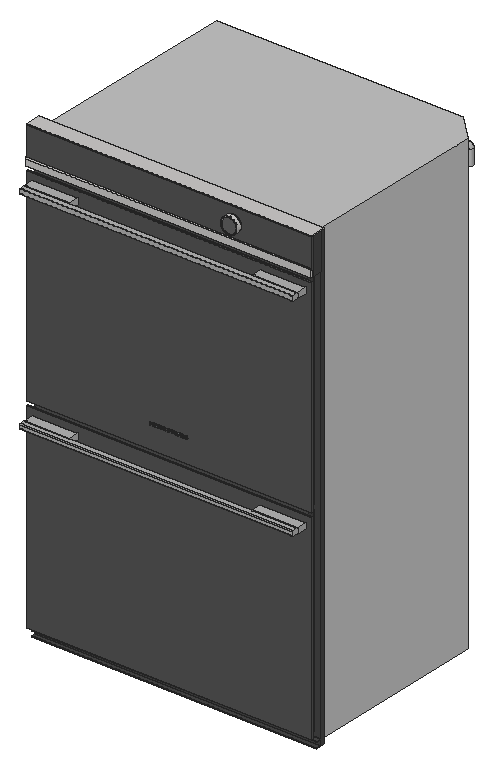
Revit family "FP-Revit18-OB76DDPTDX2-Oven-0-9000xxxxA", category Specialty Equipment, Revit 2018
Family settings
  Round Connector Dimension = Use Diameter
  Part Type = Normal
  OmniClass Number = 23.40.40.14.17.11
  OmniClass Title = Cookers, Ovens, Stoves
  Work Plane-Based = No
  Always vertical = Yes
  Cut with Voids When Loaded = Yes
  Shared = No
  Room Calculation Point = No
Parameters (values of type "OB76DDPTDX2")
  Visibility - Long Trim (Flush Installation) [instance] = no
  Visibility - Clearance Required = yes
  URL = "www.fisherpaykel.com"
  Product - Width = 760 mm  # constant formula
  Product - Height = 1232 mm  # constant formula
  Product - Depth = 609 mm  # constant formula
  Model = "OB76DDPTDX2"
  Material - Trim = Fisher & Paykel - Stainless Steel
  Material - Structure = Fisher & Paykel - Black
  Material - Logo = Fisher & Paykel - Graphics Grey
  Material - Handle = Fisher & Paykel - Aluminium
  Material - Glass = Fisher & Paykel - Glass, Black
  Material - Buttons and Dials = Fisher & Paykel - Stainless Steel
  Material - Body = Fisher & Paykel - Grey
  Manufacturer = "Fisher & Paykel Appliances"
  FFL Offset [instance] = 100 mm
  Description = "76cm Self Cleaning Double Oven"
  Connector Note - Electrical = "220-240 V, 50 Hz, 8.5 kW Max"
  Chassis - Width = 720 mm  # constant formula
  Chassis - Height = 1218 mm  # constant formula
  Chassis - Depth = 569 mm  # constant formula
  Cavity - Width = 724 mm  # constant formula
  Cavity - Height = 1224 mm  # constant formula
  Cavity - Depth = 575 mm  # constant formula
  Cabinet - Height = 1236 mm  # constant formula
Reference planes
  plane 1 "Center (Front/Back)": y = 0
  plane 2: z = 0
  plane 3 "Center (Left/Right)": x = 0
  plane 4 "Cabinet - Height": z = 1336
  plane 5 "Product - Height": z = 1332
  plane 6 "Product LHS": x = -380
  plane 7 "Product RHS": x = 380
  plane 8 "Product - Depth": y = 569
  plane 9 "Cavity LHS": x = -382
  plane 10 "Cavity RHS": x = 382
  plane 11 "Cavity - Depth": y = 575
  plane 12 "Front Face": y = -40
  plane 13 "FFL Offset": z = 100
  plane 14 "Cavity - Height": z = 1324
Forms (mm)
  Extrusion 1, solid, material "Fisher & Paykel - Grey" <- "Material - Body"
    sketch origin (0, 0, 0) x (1, 0, 0) y (0, 1, 0)
      loop
        line (-359.809, 0) -> (360.191, 0) -> (360.191, 503) -> (294.191, 569) -> (-359.809, 569) -> (-359.809, 0)
    from 100 to 1318
  Extrusion 2, solid, material "Fisher & Paykel - Clearance Required", visible <- "Visibility - Clearance Required", detail levels coarse
    sketch origin (0, 0, 0) x (1, 0, 0) y (0, 1, 0)
      loop
        line (-361.809, 0) -> (362.191, 0) -> (362.191, 575) -> (-361.809, 575) -> (-361.809, 0)
    from 100 to 1324
  Extrusion 3, solid, material "Fisher & Paykel - Black" <- "Material - Structure"
    sketch origin (0, 0, 0) x (0, 1, 0) y (0, 0, 1)
      loop
        line (-11, 1329.1) -> (-11, 117.834) -> (-21.5, 115.02) -> (-21.254, 114.102) -> (-11, 116.85) -> (-11, 101.95) -> (-22, 101.95) -> (-22, 100) -> (0, 100) -> (0, 1329.1) -> (-11, 1329.1)
    from -380 to 380
  Extrusion 4, solid, material "Fisher & Paykel - Black" <- "Material - Structure"
    sketch origin (0, 0, 0) x (0, 1, 0) y (0, 0, 1)
      loop
        line (-36, 1329.1) -> (-36, 1232.1) -> (-11, 1232.1) -> (-11, 1329.1) -> (-36, 1329.1)
    from -380 to 380
  Extrusion 5, solid, material "Fisher & Paykel - Black" <- "Material - Structure"
    sketch origin (0, 0, 0) x (0, 1, 0) y (0, 0, 1)
      loop
        line (-16.2, 658.03) -> (-36, 658.03) -> (-36, 129) -> (-16.2, 129) -> (-16.2, 658.03)
      loop
        line (-16.2, 669.765) -> (-16.2, 1219.8) -> (-36, 1219.8) -> (-36, 669.765) -> (-16.2, 669.765)
    from -365 to 363.494
  Extrusion 6, solid, material "Fisher & Paykel - Black" <- "Material - Structure"
    sketch origin (0, 0, 0) x (0, 1, 0) y (0, 0, 1)
      loop
        line (-16.2, 658.03) -> (-16.2, 129) -> (-11, 129) -> (-11, 658.03) -> (-16.2, 658.03)
      loop
        line (-16.2, 1219.8) -> (-16.2, 669.765) -> (-11, 669.765) -> (-11, 1219.8) -> (-16.2, 1219.8)
    from -361 to 361
  Extrusion 7, solid, material "Fisher & Paykel - Glass, Black" <- "Material - Glass"
    sketch origin (0, 0, 0) x (0, 1, 0) y (0, 0, 1)
      loop
        line (-40, 658.03) -> (-40, 129) -> (-36, 129) -> (-36, 658.03) -> (-40, 658.03)
      loop
        line (-40, 1219.8) -> (-40, 669.765) -> (-36, 669.765) -> (-36, 1219.8) -> (-40, 1219.8)
    from -380 to 380
  Extrusion 8, solid, material "Fisher & Paykel - Glass, Black" <- "Material - Glass"
    sketch origin (0, 0, 0) x (0, 1, 0) y (0, 0, 1)
      loop
        line (-40, 1328.774) -> (-40, 1232.1) -> (-36, 1232.1) -> (-36, 1328.774) -> (-40, 1328.774)
    from -380 to 380
  Extrusion 9, solid, material "Fisher & Paykel - Stainless Steel" <- "Material - Trim", detail levels fine
    sketch origin (0, 0, 0) x (0, 1, 0) y (0, 0, 1)
      loop
        line (-41.95, 1249.631) -> (-41.95, 1232.1) -> (-40, 1232.1) -> (-40, 1251.742) -> (-40.8, 1251.742) -> (-41.95, 1249.631)
    from -380 to 380
  Extrusion 10, solid, material "Fisher & Paykel - Clearance Required", visible <- "Visibility - Clearance Required", detail levels coarse
    sketch origin (0, -2000, 0) x (0, 1, 0) y (0, 0, 1)
      loop
        line (2000, 1336) -> (1959.829, 1336) -> (1959.829, 1219.286)
        arc (1959.829, 1219.286) -> (1571.259, 1058.335) -> (1410.308, 669.765) r 549.521
        line (1410.308, 669.765) -> (1960, 669.765) -> (1960, 658.343)
        arc (1960, 658.343) -> (1586.132, 503.065) -> (1431.328, 129) r 529.343
        line (1431.328, 129) -> (1960, 129) -> (1960, 100) -> (2000, 100) -> (2000, 1336)
    from -382 to 382
  Extrusion 11, solid, material "Fisher & Paykel - Stainless Steel" <- "Material - Trim"
    sketch origin (0, 0, 0) x (0, 1, 0) y (0, 0, 1)
      loop
        line (-40, 1329.1) -> (0, 1329.1) -> (0, 1332) -> (-40, 1332) -> (-40, 1329.1)
    from -380 to 380
  Extrusion 12, void
    sketch origin (0, 0, 0) x (1, 0, 0) y (0, 1, 0)
      loop
        line (-361.809, 575) -> (-361.809, 0) -> (362.191, 0) -> (362.191, 575) -> (-361.809, 575)
    from 100 to 1324
  Extrusion 13, void
    sketch origin (0, 0, 0) x (1, 0, 0) y (0, 1, 0)
      loop
        line (-382, 0) -> (-382, -40) -> (382, -40) -> (382, 0) -> (-382, 0)
    from 100 to 1336
  Extrusion 14, solid, material "Fisher & Paykel - Aluminium" <- "Material - Handle", detail levels fine
    sketch origin (8.022, -41, 1194.813) x (0, 1, 0) y (0, 0, 1)
      loop
        arc (-26.813, 6.16) -> (-27.196, 6.554) -> (-27.728, 6.686) r 1
        line (-27.728, 6.686) -> (-40.035, 6.256)
        arc (-40.035, 6.256) -> (-40.719, 5.951) -> (-41, 5.257) r 1
        line (-41, 5.257) -> (-41, -5.257)
        arc (-41, -5.257) -> (-40.719, -5.951) -> (-40.035, -6.256) r 1
        line (-40.035, -6.256) -> (-27.709, -6.686)
        arc (-27.709, -6.686) -> (-27.175, -6.554) -> (-26.792, -6.158) r 1
        arc (-26.792, -6.158) -> (-25.256, 0.004) -> (-26.813, 6.16) r 13.038
    from -371.522 to 355.478
  Extrusion 15, solid, material "Fisher & Paykel - Aluminium" <- "Material - Handle", detail levels fine
    sketch origin (8.022, -41, 1194.813) x (0, 1, 0) y (0, 0, 1)
      loop
        arc (-26.626, -6.008) -> (-26.614, -6.49) -> (-26.2, -6.737) r 0.5
        line (-26.2, -6.737) -> (1, -7.732) -> (1, 7.741) -> (-26.174, 6.747)
        arc (-26.174, 6.747) -> (-26.587, 6.5) -> (-26.6, 6.019) r 0.5
        arc (-26.6, 6.019) -> (-25.156, 0.002) -> (-26.626, -6.008) r 13.136
    from 235.478 to 355.478
  Extrusion 16, solid, material "Fisher & Paykel - Aluminium" <- "Material - Handle", detail levels coarse+medium
    sketch origin (8.022, -42, 1194.813) x (1, 0, 0) y (0, 1, 0)
      loop
        line (-371.522, -40) -> (355.478, -40) -> (355.478, 2) -> (235.478, 2) -> (235.478, -24.334) -> (-251.522, -24.334) -> (-251.522, 2) -> (-371.522, 2) -> (-371.522, -40)
    from -8.022 to 7.978
  Extrusion 17, solid, material "Fisher & Paykel - Aluminium" <- "Material - Handle", detail levels fine
    sketch origin (8.022, -41, 1194.813) x (0, 1, 0) y (0, 0, 1)
      loop
        arc (-26.626, -6.008) -> (-26.614, -6.49) -> (-26.2, -6.737) r 0.5
        line (-26.2, -6.737) -> (1, -7.732) -> (1, 7.741) -> (-26.174, 6.747)
        arc (-26.174, 6.747) -> (-26.587, 6.5) -> (-26.6, 6.019) r 0.5
        arc (-26.6, 6.019) -> (-25.156, 0.002) -> (-26.626, -6.008) r 13.136
    from -371.522 to -251.522
  Extrusion 18, solid, material "Fisher & Paykel - Aluminium" <- "Material - Handle", not visible, detail levels fine
    sketch origin (8.022, -2041, 719.648) x (0, 1, 0) y (0, 0, 1)
      loop
        arc (-26.813, 6.16) -> (-27.196, 6.554) -> (-27.728, 6.686) r 1
        line (-27.728, 6.686) -> (-40.035, 6.256)
        arc (-40.035, 6.256) -> (-40.719, 5.951) -> (-41, 5.257) r 1
        line (-41, 5.257) -> (-41, -5.257)
        arc (-41, -5.257) -> (-40.719, -5.951) -> (-40.035, -6.256) r 1
        line (-40.035, -6.256) -> (-27.709, -6.686)
        arc (-27.709, -6.686) -> (-27.175, -6.554) -> (-26.792, -6.158) r 1
        arc (-26.792, -6.158) -> (-25.256, 0.004) -> (-26.813, 6.16) r 13.038
    from -371.522 to 355.478
  Extrusion 19, solid, material "Fisher & Paykel - Aluminium" <- "Material - Handle", not visible, detail levels fine
    sketch origin (8.022, -2041, 719.648) x (0, 1, 0) y (0, 0, 1)
      loop
        arc (-26.626, -6.008) -> (-26.614, -6.49) -> (-26.2, -6.737) r 0.5
        line (-26.2, -6.737) -> (1, -7.732) -> (1, 7.741) -> (-26.174, 6.747)
        arc (-26.174, 6.747) -> (-26.587, 6.5) -> (-26.6, 6.019) r 0.5
        arc (-26.6, 6.019) -> (-25.156, 0.002) -> (-26.626, -6.008) r 13.136
    from 235.478 to 355.478
  Extrusion 20, solid, material "Fisher & Paykel - Aluminium" <- "Material - Handle", not visible, detail levels coarse+medium
    sketch origin (8.022, -2042, 719.648) x (1, 0, 0) y (0, 1, 0)
      loop
        line (-371.522, -40) -> (355.478, -40) -> (355.478, 2) -> (235.478, 2) -> (235.478, -24.334) -> (-251.522, -24.334) -> (-251.522, 2) -> (-371.522, 2) -> (-371.522, -40)
    from -8.022 to 7.978
  Extrusion 21, solid, material "Fisher & Paykel - Aluminium" <- "Material - Handle", not visible, detail levels fine
    sketch origin (8.022, -2041, 719.648) x (0, 1, 0) y (0, 0, 1)
      loop
        arc (-26.626, -6.008) -> (-26.614, -6.49) -> (-26.2, -6.737) r 0.5
        line (-26.2, -6.737) -> (1, -7.732) -> (1, 7.741) -> (-26.174, 6.747)
        arc (-26.174, 6.747) -> (-26.587, 6.5) -> (-26.6, 6.019) r 0.5
        arc (-26.6, 6.019) -> (-25.156, 0.002) -> (-26.626, -6.008) r 13.136
    from -371.522 to -251.522
  Revolve 22, solid, material "Fisher & Paykel - Stainless Steel" <- "Material - Buttons and Dials", detail levels fine
    sketch origin (170, -40, 1287.377) x (0, 1, 0) y (0, 0, 1)
      loop
        line (0, 22) -> (-0.843, 22) -> (-0.843, 16.038) -> (-2.39, 16.038) -> (-2.39, 22) -> (-13.7, 22) -> (-13.7, 21.2) -> (-13.191, 20) -> (-8.9, 20) -> (-8.9, 0) -> (0, 0) -> (0, 22)
      axis (0, 0) -> (-13.7, 0)
    angle from 0 to 360
  Extrusion 23, solid, material "Fisher & Paykel - Stainless Steel, Dark", detail levels fine
    sketch origin (170, -40, 1287.377) x (1, 0, 0) y (0, 0, 1)
      loop
        circle (0, 0) r 19.45
    from 8.9 to 13.191
  Extrusion 24, solid, material "Fisher & Paykel - Stainless Steel" <- "Material - Buttons and Dials", detail levels coarse+medium
    sketch origin (170, -40, 1287.377) x (1, 0, 0) y (0, 0, 1)
      loop
        circle (0, 0) r 22
    from 0 to 13.7
  Extrusion 25, solid, material "Fisher & Paykel - Bezel Red", detail levels fine
    sketch origin (170, -40, 1287.377) x (1, 0, 0) y (0, 0, 1)
      loop
        circle (0, 0) r 19.45
      loop
        circle (0, 0) r 20
    from 2.39 to 13.191
  Extrusion 26, solid, material "Fisher & Paykel - Graphics Grey" <- "Material - Logo", detail levels fine
    sketch origin (0, -40, -269.8) x (1, 0, 0) y (0, 0, 1)
      loop
        line (-50.044, 1000) -> (-48.47, 1000) -> (-48.47, 1002.138) -> (-46.011, 1002.138) -> (-46.011, 1003.472) -> (-48.47, 1003.472) -> (-48.47, 1004.712) -> (-45.795, 1004.712) -> (-45.795, 1006.04) -> (-50.044, 1006.04) -> (-50.044, 1000)
      loop
        line (-42.804, 1006.04) -> (-42.804, 1000) -> (-41.23, 1000) -> (-41.23, 1006.04) -> (-42.804, 1006.04)
      loop
        line (-30.724, 1006.04) -> (-30.724, 1000) -> (-29.151, 1000) -> (-29.151, 1002.42) -> (-26.839, 1002.42) -> (-26.839, 1000) -> (-25.265, 1000) -> (-25.265, 1006.04) -> (-26.839, 1006.04) -> (-26.839, 1003.748) -> (-29.151, 1003.748) -> (-29.151, 1006.04) -> (-30.724, 1006.04)
      loop
        line (-21.906, 1006.04) -> (-21.906, 1000) -> (-17.602, 1000) -> (-17.602, 1001.328) -> (-20.347, 1001.328) -> (-20.347, 1002.42) -> (-17.838, 1002.42) -> (-17.838, 1003.748) -> (-20.347, 1003.748) -> (-20.347, 1004.712) -> (-17.602, 1004.712) -> (-17.602, 1006.04) -> (-21.906, 1006.04)
      loop
        line (45.667, 1006.04) -> (45.667, 1000) -> (49.956, 1000) -> (49.956, 1001.328) -> (47.241, 1001.328) -> (47.241, 1006.04) -> (45.667, 1006.04)
      loop
        line (42.431, 1006.04) -> (38.112, 1006.04) -> (38.112, 1000) -> (42.431, 1000) -> (42.431, 1001.328) -> (39.687, 1001.328) -> (39.687, 1002.42) -> (42.195, 1002.42) -> (42.195, 1003.748) -> (39.687, 1003.748) -> (39.687, 1004.712) -> (42.431, 1004.712) -> (42.431, 1006.04)
      loop
        line (33.451, 1003.148) -> (35.683, 1006.04) -> (33.844, 1006.04) -> (31.915, 1003.542) -> (31.915, 1006.04) -> (30.342, 1006.04) -> (30.342, 1000) -> (31.915, 1000) -> (31.915, 1002.705) -> (33.903, 1000) -> (35.763, 1000) -> (33.451, 1003.148)
      loop
        line (21.98, 1006.04) -> (24.262, 1002.42) -> (24.262, 1000) -> (25.837, 1000) -> (25.837, 1002.341) -> (28.119, 1006.04) -> (26.446, 1006.04) -> (25.099, 1003.707) -> (23.753, 1006.04) -> (21.98, 1006.04)
      loop
        line (18.479, 1006.04) -> (16.983, 1006.04) -> (14.524, 1000) -> (16.069, 1000) -> (16.501, 1001.112) -> (18.921, 1001.112) -> (19.354, 1000) -> (20.938, 1000) -> (18.479, 1006.04)
      loop
        line (18.4, 1002.439) -> (17.693, 1004.174) -> (17.018, 1002.439) -> (18.4, 1002.439)
      loop
        line (8.031, 1006.04) -> (8.031, 1000) -> (9.605, 1000) -> (9.605, 1001.938) -> (10.599, 1001.938)
        arc (10.599, 1001.938) -> (12.65, 1003.989) -> (10.599, 1006.04) r 2.051
        line (10.599, 1006.04) -> (8.031, 1006.04)
      loop
        line (9.605, 1004.712) -> (9.605, 1003.197) -> (10.501, 1003.197)
        arc (10.501, 1003.197) -> (11.259, 1003.954) -> (10.501, 1004.712) r 0.757
        line (10.501, 1004.712) -> (9.605, 1004.712)
      loop
        line (-11.783, 1006.04) -> (-14.366, 1006.04) -> (-14.366, 1000) -> (-12.792, 1000) -> (-12.792, 1001.336) -> (-11.992, 1001.336) -> (-10.972, 1000) -> (-9.153, 1000) -> (-10.694, 1001.973)
        arc (-10.694, 1001.973) -> (-9.678, 1004.424) -> (-11.783, 1006.04) r 2.179
      loop
        line (-11.897, 1004.712) -> (-12.792, 1004.712) -> (-12.792, 1003.053) -> (-11.897, 1003.053)
        arc (-11.897, 1003.053) -> (-11.068, 1003.882) -> (-11.897, 1004.712) r 0.83
      loop
        line (0.477, 1004.712) -> (0.477, 1006.153) -> (-3.575, 1006.153) -> (-3.575, 1004.851) -> (-2.974, 1004.112)
        arc (-2.974, 1004.112) -> (-3.51, 1000.684) -> (-0.045, 1000.512) r 2.334
        line (-0.045, 1000.512) -> (0.46, 999.891) -> (2.246, 999.891) -> (0.86, 1001.594) -> (2.061, 1003.324) -> (0.443, 1003.324) -> (-0.013, 1002.667) -> (-1.677, 1004.712) -> (0.477, 1004.712)
      loop
        arc (-2.125, 1003.068) -> (-2.269, 1001.668) -> (-0.868, 1001.524) r 0.996
        line (-0.868, 1001.524) -> (-2.125, 1003.068)
      loop
        line (-35.18, 1003.634) -> (-36.516, 1003.91)
        arc (-36.516, 1003.91) -> (-37.049, 1004.443) -> (-36.516, 1004.976) r 0.533
        arc (-36.516, 1004.976) -> (-35.235, 1004.79) -> (-34.059, 1004.248) r 4.505
        line (-34.059, 1004.248) -> (-34.059, 1005.743)
        arc (-34.059, 1005.743) -> (-35.549, 1006.179) -> (-37.1, 1006.109) r 4.726
        arc (-37.1, 1006.109) -> (-38.536, 1004.335) -> (-37.1, 1002.561) r 1.814
        line (-37.1, 1002.561) -> (-35.754, 1002.282)
        arc (-35.754, 1002.282) -> (-35.221, 1001.749) -> (-35.754, 1001.216) r 0.533
        arc (-35.754, 1001.216) -> (-37.035, 1001.402) -> (-38.211, 1001.945) r 4.505
        line (-38.211, 1001.945) -> (-38.211, 1000.449)
        arc (-38.211, 1000.449) -> (-36.72, 1000.013) -> (-35.169, 1000.083) r 4.726
        arc (-35.169, 1000.083) -> (-33.734, 1001.863) -> (-35.18, 1003.634) r 1.814
    from 0 to 0.8
  Extrusion 27, solid, material "Fisher & Paykel - Grey" <- "Material - Body"
    sketch origin (327.191, 536, 1279) x (0.707107, -0.707107, 0) y (0, 0, 1)
      loop
        circle (0, 0) r 14.523
      loop
        circle (0, 0) r 7.273
    from -3.02 to 0
  Sweep 28, solid, material "Fisher & Paykel - Grey" <- "Material - Body"
    path origin (327.191, 536, 1279) x (0.707107, 0.707107, 0) y (0, 0, 1)
      loop
        line (0, 0) -> (2.546, 0)
        arc (2.546, 0) -> (8.203, -2.343) -> (10.546, -8) r 8
        line (10.546, -8) -> (10.546, -49.977)
    profile origin (328.091, 536.9, 1279) x (0, 0, 1) y (0.707107, -0.707107, 0)
      loop
        circle (0, 0) r 7.273
  Extrusion 29, solid, material "Fisher & Paykel - Grey" <- "Material - Body", not visible
    sketch origin (327.191, 536, 797.625) x (0.707107, -0.707107, 0) y (0, 0, 1)
      loop
        circle (0, 0) r 14.523
      loop
        circle (0, 0) r 7.273
    from -3.02 to 0
  Sweep 30, solid, material "Fisher & Paykel - Grey" <- "Material - Body", not visible
    path origin (327.191, 536, 797.625) x (0.707107, 0.707107, 0) y (0, 0, 1)
      loop
        line (0, 0) -> (2.546, 0)
        arc (2.546, 0) -> (8.203, -2.343) -> (10.546, -8) r 8
        line (10.546, -8) -> (10.546, -49.977)
    profile origin (328.091, 536.9, 797.625) x (0, 0, 1) y (0.707107, -0.707107, 0)
      loop
        circle (0, 0) r 7.273
  Extrusion 31, solid, material "Fisher & Paykel - Aluminium" <- "Material - Handle", detail levels fine
    sketch origin (8.022, -41, 633.113) x (0, 1, 0) y (0, 0, 1)
      loop
        arc (-26.813, 6.16) -> (-27.196, 6.554) -> (-27.728, 6.686) r 1
        line (-27.728, 6.686) -> (-40.035, 6.256)
        arc (-40.035, 6.256) -> (-40.719, 5.951) -> (-41, 5.257) r 1
        line (-41, 5.257) -> (-41, -5.257)
        arc (-41, -5.257) -> (-40.719, -5.951) -> (-40.035, -6.256) r 1
        line (-40.035, -6.256) -> (-27.709, -6.686)
        arc (-27.709, -6.686) -> (-27.175, -6.554) -> (-26.792, -6.158) r 1
        arc (-26.792, -6.158) -> (-25.256, 0.004) -> (-26.813, 6.16) r 13.038
    from -371.522 to 355.478
  Extrusion 32, solid, material "Fisher & Paykel - Aluminium" <- "Material - Handle", detail levels fine
    sketch origin (8.022, -41, 633.113) x (0, 1, 0) y (0, 0, 1)
      loop
        arc (-26.626, -6.008) -> (-26.614, -6.49) -> (-26.2, -6.737) r 0.5
        line (-26.2, -6.737) -> (1, -7.732) -> (1, 7.741) -> (-26.174, 6.747)
        arc (-26.174, 6.747) -> (-26.587, 6.5) -> (-26.6, 6.019) r 0.5
        arc (-26.6, 6.019) -> (-25.156, 0.002) -> (-26.626, -6.008) r 13.136
    from 235.478 to 355.478
  Extrusion 33, solid, material "Fisher & Paykel - Aluminium" <- "Material - Handle", detail levels coarse+medium
    sketch origin (8.022, -42, 633.113) x (1, 0, 0) y (0, 1, 0)
      loop
        line (-371.522, -40) -> (355.478, -40) -> (355.478, 2) -> (235.478, 2) -> (235.478, -24.334) -> (-251.522, -24.334) -> (-251.522, 2) -> (-371.522, 2) -> (-371.522, -40)
    from -8.022 to 7.978
  Extrusion 34, solid, material "Fisher & Paykel - Aluminium" <- "Material - Handle", detail levels fine
    sketch origin (8.022, -41, 633.113) x (0, 1, 0) y (0, 0, 1)
      loop
        arc (-26.626, -6.008) -> (-26.614, -6.49) -> (-26.2, -6.737) r 0.5
        line (-26.2, -6.737) -> (1, -7.732) -> (1, 7.741) -> (-26.174, 6.747)
        arc (-26.174, 6.747) -> (-26.587, 6.5) -> (-26.6, 6.019) r 0.5
        arc (-26.6, 6.019) -> (-25.156, 0.002) -> (-26.626, -6.008) r 13.136
    from -371.522 to -251.522
  Revolve 35, solid, material "Fisher & Paykel - Stainless Steel" <- "Material - Buttons and Dials", not visible, detail levels fine
    sketch origin (170, -40, 1287.377) x (0, 1, 0) y (0, 0, 1)
      loop
        line (0, 22) -> (-0.843, 22) -> (-0.843, 16.038) -> (-2.39, 16.038) -> (-2.39, 22) -> (-13.7, 22) -> (-13.7, 21.2) -> (-13.191, 20) -> (-8.9, 20) -> (-8.9, 0) -> (0, 0) -> (0, 22)
      axis (0, 0) -> (-13.7, 0)
    angle from 0 to 360
  Extrusion 36, solid, material "Fisher & Paykel - Stainless Steel, Dark", not visible, detail levels fine
    sketch origin (170, -40, 1287.377) x (1, 0, 0) y (0, 0, 1)
      loop
        circle (0, 0) r 19.45
    from 8.9 to 13.191
  Extrusion 37, solid, material "Fisher & Paykel - Stainless Steel" <- "Material - Buttons and Dials", not visible, detail levels coarse+medium
    sketch origin (170, -40, 1287.377) x (1, 0, 0) y (0, 0, 1)
      loop
        circle (0, 0) r 22
    from 0 to 13.7
  Extrusion 38, solid, material "Fisher & Paykel - Bezel Red", not visible, detail levels fine
    sketch origin (170, -40, 1287.377) x (1, 0, 0) y (0, 0, 1)
      loop
        circle (0, 0) r 19.45
      loop
        circle (0, 0) r 20
    from 2.39 to 13.191
  Extrusion 39, solid, material "Fisher & Paykel - Black" <- "Material - Structure", visible <- "Visibility - Long Trim (Flush Installation)"
    sketch origin (0, 0, 0) x (0, 1, 0) y (0, 0, 1)
      loop
        line (0, 100) -> (0, 101.95) -> (-39, 101.95) -> (-39, 100) -> (0, 100)
    from -380 to 380
Lines and regions (mm)
  model lines, style "Fisher & Paykel"
    curve 1: line (-53.809, -40, 1322.5) -> (54.191, -40, 1322.5)
    curve 2: line (-53.809, -40, 1257.7) -> (-53.809, -40, 1322.5)
    curve 3: line (54.191, -40, 1257.7) -> (-53.809, -40, 1257.7)
    curve 4: line (54.191, -40, 1322.5) -> (54.191, -40, 1257.7)
Text (mm)
  text "Due to ongoing product development, product details are subject to change without notice. \nPlease always refer to www.fisherpaykel.com for the most current product information. \n© Fisher & Paykel 2020" at (41.04, -678.295, 0), in view "Ref. Level (Plan)"
Dimensions and locks
  equal spacing: plane 6 "Product LHS", plane 3 "Center (Left/Right)", plane 7 "Product RHS"
  "Product - Width": plane 6 "Product LHS" to plane 7 "Product RHS"
  "Chassis - Depth": plane 1 "Center (Front/Back)" to plane 8 "Product - Depth"
  equal spacing: plane 9 "Cavity LHS", plane 3 "Center (Left/Right)", plane 10 "Cavity RHS"
  "Cavity - Depth": plane 11 "Cavity - Depth" to plane 1 "Center (Front/Back)"
  "Cavity - Width": Extrusion 2 to Extrusion 2
  "Chassis - Width": Extrusion 1 to Extrusion 1
  plane 12 "Front Face" to plane 1 "Center (Front/Back)" = 40 mm
  "FFL Offset": plane 13 "FFL Offset" to level
  "Chassis - Height": Extrusion 1 to plane 13 "FFL Offset"
  "Product - Height": plane 5 "Product - Height" to plane 13 "FFL Offset"
  "Cabinet - Height": plane 4 "Cabinet - Height" to plane 13 "FFL Offset"
  "Cavity - Height": plane 14 "Cavity - Height" to plane 13 "FFL Offset"
  locked: Extrusion 3 sketch curve to plane 13 "FFL Offset" at 1.95
  locked: Extrusion 3 sketch curve to plane 13 "FFL Offset" at 15.02
  locked: Extrusion 3 sketch curve to plane 13 "FFL Offset" at 17.834
  locked: Extrusion 5 to plane 13 "FFL Offset" at 569.765
  locked: plane 5 "Product - Height" to Extrusion 16 at 129.209
  locked: plane 5 "Product - Height" to Extrusion 25 at 44.623
  locked: plane 5 "Product - Height" to Extrusion 33 at 690.909
  locked: Extrusion 26 to plane 5 "Product - Height" at 601.909
  locked: plane 5 "Product - Height" to Sweep 28 at 102.977
  locked: Extrusion 26 to plane 13 "FFL Offset" at 630.2
  locked: plane 9 "Cavity LHS" to plane 10 "Cavity RHS" at 764
  aligned and locked: level to plane 2
  aligned and locked: plane 6 "Product LHS" to Extrusion 3
  aligned and locked: Extrusion 3 to plane 7 "Product RHS"
  aligned and locked: plane 9 "Cavity LHS" to Extrusion 10
  aligned and locked: Extrusion 10 to plane 10 "Cavity RHS"
  aligned and locked: plane 5 "Product - Height" to Extrusion 11 sketch curve
  aligned and locked: Extrusion 1 to plane 13 "FFL Offset"
  aligned and locked: Extrusion 2 to Extrusion 1
  aligned and locked: plane 14 "Cavity - Height" to Extrusion 2
  aligned and locked: plane 13 "FFL Offset" to Extrusion 3 sketch curve
  aligned and locked: Extrusion 5 to Extrusion 6
  aligned and locked: Extrusion 7 to Extrusion 5  (x2)
  aligned and locked: Extrusion 10 sketch curve to plane 13 "FFL Offset"
  aligned and locked: Extrusion 10 to Extrusion 5
  aligned and locked: Extrusion 13 to Extrusion 1
  aligned and locked: plane 4 "Cabinet - Height" to Extrusion 13
  aligned and locked: Extrusion 12 to Extrusion 1
  aligned and locked: Extrusion 12 to Extrusion 2
  aligned and locked: Extrusion 10 sketch curve to Extrusion 7
  aligned and locked: Extrusion 7 to Extrusion 6
Automatic sketch dimensions
  Extrusion 14 sketch curve to Extrusion 14 sketch curve = 0.965 mm  (x2)
  Extrusion 14 sketch curve to Extrusion 14 sketch curve = 0.035 mm  (x4)
  Extrusion 14 sketch curve to Extrusion 14 sketch curve = 1.706 mm
  Extrusion 14 sketch curve to Extrusion 14 sketch curve = 12.307 mm
  Extrusion 14 sketch curve to Extrusion 14 sketch curve = 12.326 mm
  Extrusion 14 sketch curve to Extrusion 14 sketch curve = 0.999 mm  (x2)
  Extrusion 14 sketch curve to Extrusion 14 sketch curve = 5.238 mm
  Extrusion 14 sketch curve to Extrusion 14 sketch curve = 0 mm
  Extrusion 15 sketch curve to Extrusion 15 sketch curve = 12.091 mm
  Extrusion 15 sketch curve to Extrusion 15 sketch curve = 0.018 mm  (x2)
  Extrusion 15 sketch curve to Extrusion 15 sketch curve = 0.008 mm
  Extrusion 15 sketch curve to Extrusion 15 sketch curve = 27.174 mm
  Extrusion 15 sketch curve to Extrusion 15 sketch curve = 15.473 mm
  Extrusion 15 sketch curve to Extrusion 15 sketch curve = 0.5 mm  (x2)
  Extrusion 15 sketch curve to Extrusion 15 sketch curve = 0 mm
  Extrusion 17 sketch curve to Extrusion 17 sketch curve = 12.091 mm
  Extrusion 17 sketch curve to Extrusion 17 sketch curve = 0.018 mm  (x2)
  Extrusion 17 sketch curve to Extrusion 17 sketch curve = 0.008 mm
  Extrusion 17 sketch curve to Extrusion 17 sketch curve = 27.174 mm
  Extrusion 17 sketch curve to Extrusion 17 sketch curve = 15.473 mm
  Extrusion 17 sketch curve to Extrusion 17 sketch curve = 0.5 mm  (x2)
  Extrusion 17 sketch curve to Extrusion 17 sketch curve = 0 mm
  Extrusion 14 sketch curve to Extrusion 14 sketch curve = 0.43 mm
  Extrusion 14 sketch curve to Extrusion 14 sketch curve = 5.275 mm
  Extrusion 14 sketch curve to Extrusion 14 sketch curve = 11.374 mm
  Extrusion 15 sketch curve to Extrusion 15 sketch curve = 0.995 mm
  Extrusion 15 sketch curve to Extrusion 15 sketch curve = 6.268 mm
  Extrusion 15 sketch curve to Extrusion 15 sketch curve = 12.255 mm
  Extrusion 17 sketch curve to Extrusion 17 sketch curve = 0.995 mm
  Extrusion 17 sketch curve to Extrusion 17 sketch curve = 6.268 mm
  Extrusion 17 sketch curve to Extrusion 17 sketch curve = 12.255 mm
  Extrusion 16 sketch curve to Extrusion 16 sketch curve = 120 mm  (x2)
  Extrusion 16 sketch curve to Extrusion 16 sketch curve = 15.666 mm
  Extrusion 16 sketch curve to Extrusion 16 sketch curve = 26.334 mm  (x2)
  Extrusion 16 sketch curve to Extrusion 16 sketch curve = 487 mm
  Extrusion 18 sketch curve to Extrusion 18 sketch curve = 0.965 mm  (x2)
  Extrusion 18 sketch curve to Extrusion 18 sketch curve = 0.035 mm  (x4)
  Extrusion 18 sketch curve to Extrusion 18 sketch curve = 1.706 mm
  Extrusion 18 sketch curve to Extrusion 18 sketch curve = 12.307 mm
  Extrusion 18 sketch curve to Extrusion 18 sketch curve = 12.326 mm
  Extrusion 18 sketch curve to Extrusion 18 sketch curve = 0.999 mm  (x2)
  Extrusion 18 sketch curve to Extrusion 18 sketch curve = 5.238 mm
  Extrusion 18 sketch curve to Extrusion 18 sketch curve = 0 mm
  Extrusion 19 sketch curve to Extrusion 19 sketch curve = 12.091 mm
  Extrusion 19 sketch curve to Extrusion 19 sketch curve = 0.018 mm  (x2)
  Extrusion 19 sketch curve to Extrusion 19 sketch curve = 0.008 mm
  Extrusion 19 sketch curve to Extrusion 19 sketch curve = 27.174 mm
  Extrusion 19 sketch curve to Extrusion 19 sketch curve = 15.473 mm
  Extrusion 19 sketch curve to Extrusion 19 sketch curve = 0.5 mm  (x2)
  Extrusion 19 sketch curve to Extrusion 19 sketch curve = 0 mm
  Extrusion 21 sketch curve to Extrusion 21 sketch curve = 12.091 mm
  Extrusion 21 sketch curve to Extrusion 21 sketch curve = 0.018 mm  (x2)
  Extrusion 21 sketch curve to Extrusion 21 sketch curve = 0.008 mm
  Extrusion 21 sketch curve to Extrusion 21 sketch curve = 27.174 mm
  Extrusion 21 sketch curve to Extrusion 21 sketch curve = 15.473 mm
  Extrusion 21 sketch curve to Extrusion 21 sketch curve = 0.5 mm  (x2)
  Extrusion 21 sketch curve to Extrusion 21 sketch curve = 0 mm
  Extrusion 18 sketch curve to Extrusion 18 sketch curve = 0.43 mm
  Extrusion 18 sketch curve to Extrusion 18 sketch curve = 5.275 mm
  Extrusion 18 sketch curve to Extrusion 18 sketch curve = 11.374 mm
  Extrusion 19 sketch curve to Extrusion 19 sketch curve = 0.995 mm
  Extrusion 19 sketch curve to Extrusion 19 sketch curve = 6.268 mm
  Extrusion 19 sketch curve to Extrusion 19 sketch curve = 12.255 mm
  Extrusion 21 sketch curve to Extrusion 21 sketch curve = 0.995 mm
  Extrusion 21 sketch curve to Extrusion 21 sketch curve = 6.268 mm
  Extrusion 21 sketch curve to Extrusion 21 sketch curve = 12.255 mm
  Extrusion 20 sketch curve to Extrusion 20 sketch curve = 120 mm  (x2)
  Extrusion 20 sketch curve to Extrusion 20 sketch curve = 15.666 mm
  Extrusion 20 sketch curve to Extrusion 20 sketch curve = 26.334 mm  (x2)
  Extrusion 20 sketch curve to Extrusion 20 sketch curve = 487 mm
  Revolve 22 sketch curve to Revolve 22 sketch curve = 1.547 mm
  Revolve 22 sketch curve to Revolve 22 sketch curve = 6.51 mm
  Revolve 22 sketch curve to Revolve 22 sketch curve = 4.291 mm
  Revolve 22 sketch curve to Revolve 22 sketch curve = 0.509 mm
  Revolve 22 sketch curve to Revolve 22 sketch curve = 16.038 mm
  Revolve 22 sketch curve to Revolve 22 sketch curve = 3.962 mm
  Revolve 22 sketch curve to Revolve 22 sketch curve = 1.2 mm
  Revolve 22 sketch curve to Revolve 22 sketch curve = 0.8 mm
  Revolve 22 sketch curve to Revolve 22 sketch curve = 0 mm  (x3)
  Revolve 22 sketch curve to Revolve 22 sketch curve = 9.733 mm
  Revolve 22 sketch curve to Revolve 22 sketch curve = 8.9 mm
  Extrusion 27 sketch curve to Extrusion 27 sketch curve = 0 mm  (x4)
  Sweep 28 sketch curve to Sweep 28 sketch curve = 8 mm
  Sweep 28 sketch curve to Sweep 28 sketch curve = 2.546 mm
  Sweep 28 sketch curve to Sweep 28 sketch curve = 41.977 mm
  Sweep 28 sketch curve to profile plane = 0 mm  (x2)
  Extrusion 29 sketch curve to Extrusion 29 sketch curve = 0 mm  (x4)
  Sweep 30 sketch curve to Sweep 30 sketch curve = 8 mm
  Sweep 30 sketch curve to Sweep 30 sketch curve = 2.546 mm
  Sweep 30 sketch curve to Sweep 30 sketch curve = 41.977 mm
  Sweep 30 sketch curve to profile plane = 0 mm  (x2)
  Extrusion 31 sketch curve to Extrusion 31 sketch curve = 0.965 mm  (x2)
  Extrusion 31 sketch curve to Extrusion 31 sketch curve = 0.035 mm  (x4)
  Extrusion 31 sketch curve to Extrusion 31 sketch curve = 1.706 mm
  Extrusion 31 sketch curve to Extrusion 31 sketch curve = 12.307 mm
  Extrusion 31 sketch curve to Extrusion 31 sketch curve = 12.326 mm
  Extrusion 31 sketch curve to Extrusion 31 sketch curve = 0.999 mm  (x2)
  Extrusion 31 sketch curve to Extrusion 31 sketch curve = 5.238 mm
  Extrusion 31 sketch curve to Extrusion 31 sketch curve = 0 mm
  Extrusion 32 sketch curve to Extrusion 32 sketch curve = 12.091 mm
  Extrusion 32 sketch curve to Extrusion 32 sketch curve = 0.018 mm  (x2)
  Extrusion 32 sketch curve to Extrusion 32 sketch curve = 0.008 mm
  Extrusion 32 sketch curve to Extrusion 32 sketch curve = 27.174 mm
  Extrusion 32 sketch curve to Extrusion 32 sketch curve = 15.473 mm
  Extrusion 32 sketch curve to Extrusion 32 sketch curve = 0.5 mm  (x2)
  Extrusion 32 sketch curve to Extrusion 32 sketch curve = 0 mm
  Extrusion 34 sketch curve to Extrusion 34 sketch curve = 12.091 mm
  Extrusion 34 sketch curve to Extrusion 34 sketch curve = 0.018 mm  (x2)
  Extrusion 34 sketch curve to Extrusion 34 sketch curve = 0.008 mm
  Extrusion 34 sketch curve to Extrusion 34 sketch curve = 27.174 mm
  Extrusion 34 sketch curve to Extrusion 34 sketch curve = 15.473 mm
  Extrusion 34 sketch curve to Extrusion 34 sketch curve = 0.5 mm  (x2)
  Extrusion 34 sketch curve to Extrusion 34 sketch curve = 0 mm
  Extrusion 31 sketch curve to Extrusion 31 sketch curve = 0.43 mm
  Extrusion 31 sketch curve to Extrusion 31 sketch curve = 5.275 mm
  Extrusion 31 sketch curve to Extrusion 31 sketch curve = 11.374 mm
  Extrusion 32 sketch curve to Extrusion 32 sketch curve = 0.995 mm
  Extrusion 32 sketch curve to Extrusion 32 sketch curve = 6.268 mm
  Extrusion 32 sketch curve to Extrusion 32 sketch curve = 12.255 mm
  Extrusion 34 sketch curve to Extrusion 34 sketch curve = 0.995 mm
  Extrusion 34 sketch curve to Extrusion 34 sketch curve = 6.268 mm
  Extrusion 34 sketch curve to Extrusion 34 sketch curve = 12.255 mm
  Extrusion 33 sketch curve to Extrusion 33 sketch curve = 120 mm  (x2)
  Extrusion 33 sketch curve to Extrusion 33 sketch curve = 15.666 mm
  Extrusion 33 sketch curve to Extrusion 33 sketch curve = 26.334 mm  (x2)
  Extrusion 33 sketch curve to Extrusion 33 sketch curve = 487 mm
  plane 1 "Center (Front/Back)" to Extrusion 1 sketch curve = 0 mm
  Extrusion 1 sketch curve to plane 8 "Product - Depth" = 0 mm
  Extrusion 1 sketch curve to plane 6 "Product LHS" = 20.191 mm
  plane 7 "Product RHS" to Extrusion 1 sketch curve = 85.809 mm
  plane 7 "Product RHS" to Extrusion 1 sketch curve = 19.809 mm
  Extrusion 1 sketch curve to plane 8 "Product - Depth" = 66 mm
  plane 1 "Center (Front/Back)" to Extrusion 2 sketch curve = 0 mm
  plane 11 "Cavity - Depth" to Extrusion 2 sketch curve = 0 mm
  Extrusion 2 sketch curve to plane 6 "Product LHS" = 18.191 mm
  plane 7 "Product RHS" to Extrusion 2 sketch curve = 17.809 mm
  Extrusion 3 sketch curve to plane 1 "Center (Front/Back)" = 0 mm
  plane 1 "Center (Front/Back)" to Extrusion 3 sketch curve = 11 mm
  Extrusion 3 sketch curve to Extrusion 3 sketch curve = 0 mm
  Extrusion 3 sketch curve to Extrusion 3 sketch curve = 10.254 mm
  Extrusion 3 sketch curve to Extrusion 3 sketch curve = 0.246 mm
  Extrusion 3 sketch curve to Extrusion 3 sketch curve = 11 mm
  Extrusion 3 sketch curve to plane 5 "Product - Height" = 2.9 mm
  plane 12 "Front Face" to Extrusion 4 sketch curve = 4 mm
  plane 1 "Center (Front/Back)" to Extrusion 4 sketch curve = 11 mm
  Extrusion 4 sketch curve to plane 14 "Cavity - Height" = 91.9 mm
  Extrusion 4 sketch curve to plane 5 "Product - Height" = 2.9 mm
  Extrusion 8 sketch curve to plane 12 "Front Face" = 0 mm
  Extrusion 8 sketch curve to Extrusion 8 sketch curve = 4 mm
  Extrusion 8 sketch curve to plane 14 "Cavity - Height" = 91.9 mm
  Extrusion 8 sketch curve to plane 5 "Product - Height" = 3.226 mm
  Extrusion 9 sketch curve to plane 12 "Front Face" = 0 mm
  Extrusion 9 sketch curve to plane 12 "Front Face" = 0.8 mm
  Extrusion 9 sketch curve to plane 12 "Front Face" = 1.95 mm
  Extrusion 9 sketch curve to plane 14 "Cavity - Height" = 91.9 mm
  Extrusion 9 sketch curve to Extrusion 9 sketch curve = 17.531 mm
  Extrusion 9 sketch curve to Extrusion 9 sketch curve = 2.112 mm
  Extrusion 11 sketch curve to plane 12 "Front Face" = 0 mm
  Extrusion 11 sketch curve to plane 1 "Center (Front/Back)" = 0 mm
  Extrusion 11 sketch curve to plane 5 "Product - Height" = 2.9 mm
  plane 1 "Center (Front/Back)" to Extrusion 12 sketch curve = 0 mm
  Extrusion 12 sketch curve to plane 6 "Product LHS" = 18.191 mm
  plane 7 "Product RHS" to Extrusion 12 sketch curve = 17.809 mm
  plane 11 "Cavity - Depth" to Extrusion 12 sketch curve = 0 mm
  Extrusion 13 sketch curve to plane 9 "Cavity LHS" = 0 mm
  Extrusion 13 sketch curve to plane 10 "Cavity RHS" = 0 mm
  Extrusion 13 sketch curve to plane 12 "Front Face" = 0 mm
  plane 1 "Center (Front/Back)" to Extrusion 13 sketch curve = 0 mm
  curve 1 to plane 14 "Cavity - Height" = 1.5 mm
  plane 3 "Center (Left/Right)" to curve 1 = 54.191 mm
  curve 3 to plane 3 "Center (Left/Right)" = 53.809 mm
  curve 4 to curve 1 = 64.8 mm
  Extrusion 26 sketch curve to plane 9 "Cavity LHS" = 331.956 mm
  Extrusion 26 sketch curve to Extrusion 26 sketch curve = 1.574 mm  (x12)
  Extrusion 26 sketch curve to Extrusion 26 sketch curve = 2.459 mm
  Extrusion 26 sketch curve to Extrusion 26 sketch curve = 0.216 mm
  Extrusion 26 sketch curve to Extrusion 26 sketch curve = 3.207 mm
  Extrusion 26 sketch curve to Extrusion 26 sketch curve = 3.02 mm
  Extrusion 26 sketch curve to Extrusion 26 sketch curve = 1.11 mm
  Extrusion 26 sketch curve to Extrusion 26 sketch curve = 0.379 mm
  Extrusion 26 sketch curve to Extrusion 26 sketch curve = 0.206 mm  (x2)
  Extrusion 26 sketch curve to Extrusion 26 sketch curve = 0.36 mm  (x2)
  Extrusion 26 sketch curve to Extrusion 26 sketch curve = 0.402 mm
  Extrusion 26 sketch curve to Extrusion 26 sketch curve = 0 mm  (x21)
  Extrusion 26 sketch curve to Extrusion 26 sketch curve = 1.335 mm  (x2)
  Extrusion 26 sketch curve to Extrusion 26 sketch curve = 1.121 mm
  Extrusion 26 sketch curve to Extrusion 26 sketch curve = 3.335 mm
  Extrusion 26 sketch curve to Extrusion 26 sketch curve = 2.312 mm  (x2)
  Extrusion 26 sketch curve to Extrusion 26 sketch curve = 3.359 mm
  Extrusion 26 sketch curve to Extrusion 26 sketch curve = 1.559 mm
  Extrusion 26 sketch curve to Extrusion 26 sketch curve = 2.508 mm  (x2)
  Extrusion 26 sketch curve to Extrusion 26 sketch curve = 0.236 mm  (x4)
  Extrusion 26 sketch curve to Extrusion 26 sketch curve = 3.236 mm  (x2)
  Extrusion 26 sketch curve to Extrusion 26 sketch curve = 0.8 mm
  Extrusion 26 sketch curve to Extrusion 26 sketch curve = 0.895 mm
  Extrusion 26 sketch curve to Extrusion 26 sketch curve = 0.114 mm
  Extrusion 26 sketch curve to Extrusion 26 sketch curve = 1.02 mm
  Extrusion 26 sketch curve to Extrusion 26 sketch curve = 1.298 mm
  Extrusion 26 sketch curve to Extrusion 26 sketch curve = 1.82 mm
  Extrusion 26 sketch curve to Extrusion 26 sketch curve = 8.207 mm
  Extrusion 26 sketch curve to Extrusion 26 sketch curve = 0.602 mm
  Extrusion 26 sketch curve to Extrusion 26 sketch curve = 0.849 mm
  Extrusion 26 sketch curve to Extrusion 26 sketch curve = 0.425 mm
  Extrusion 26 sketch curve to Extrusion 26 sketch curve = 1.297 mm
  Extrusion 26 sketch curve to Extrusion 26 sketch curve = 0.203 mm
  Extrusion 26 sketch curve to Extrusion 26 sketch curve = 0.628 mm
  Extrusion 26 sketch curve to Extrusion 26 sketch curve = 0.824 mm
  Extrusion 26 sketch curve to Extrusion 26 sketch curve = 0.855 mm
  Extrusion 26 sketch curve to Extrusion 26 sketch curve = 0.456 mm
  Extrusion 26 sketch curve to Extrusion 26 sketch curve = 0.505 mm
  Extrusion 26 sketch curve to Extrusion 26 sketch curve = 0.034 mm  (x2)
  Extrusion 26 sketch curve to Extrusion 26 sketch curve = 0.873 mm
  Extrusion 26 sketch curve to Extrusion 26 sketch curve = 1.618 mm
  Extrusion 26 sketch curve to Extrusion 26 sketch curve = 1.785 mm
  Extrusion 26 sketch curve to Extrusion 26 sketch curve = 5.971 mm
  Extrusion 26 sketch curve to Extrusion 26 sketch curve = 0.896 mm
  Extrusion 26 sketch curve to Extrusion 26 sketch curve = 0.994 mm
  Extrusion 26 sketch curve to Extrusion 26 sketch curve = 3.925 mm
  Extrusion 26 sketch curve to Extrusion 26 sketch curve = 1.545 mm
  Extrusion 26 sketch curve to Extrusion 26 sketch curve = 0.433 mm  (x2)
  Extrusion 26 sketch curve to Extrusion 26 sketch curve = 0.482 mm
  Extrusion 26 sketch curve to Extrusion 26 sketch curve = 0.517 mm
  Extrusion 26 sketch curve to Extrusion 26 sketch curve = 0.675 mm
  Extrusion 26 sketch curve to Extrusion 26 sketch curve = 1.381 mm
  Extrusion 26 sketch curve to Extrusion 26 sketch curve = 1.495 mm
  Extrusion 26 sketch curve to Extrusion 26 sketch curve = 0.522 mm
  Extrusion 26 sketch curve to Extrusion 26 sketch curve = 1.584 mm
  Extrusion 26 sketch curve to Extrusion 26 sketch curve = 3.502 mm
  Extrusion 26 sketch curve to Extrusion 26 sketch curve = 1.772 mm
  Extrusion 26 sketch curve to Extrusion 26 sketch curve = 0.51 mm
  Extrusion 26 sketch curve to Extrusion 26 sketch curve = 0.837 mm
  Extrusion 26 sketch curve to Extrusion 26 sketch curve = 0.737 mm
  Extrusion 26 sketch curve to Extrusion 26 sketch curve = 2.694 mm
  Extrusion 26 sketch curve to Extrusion 26 sketch curve = 1.673 mm
  Extrusion 26 sketch curve to Extrusion 26 sketch curve = 2.223 mm
  Extrusion 26 sketch curve to Extrusion 26 sketch curve = 1.535 mm
  Extrusion 26 sketch curve to Extrusion 26 sketch curve = 1.928 mm
  Extrusion 26 sketch curve to Extrusion 26 sketch curve = 1.987 mm
  Extrusion 26 sketch curve to Extrusion 26 sketch curve = 1.839 mm
  Extrusion 26 sketch curve to Extrusion 26 sketch curve = 1.86 mm
  Extrusion 26 sketch curve to Extrusion 26 sketch curve = 2.429 mm
  Extrusion 26 sketch curve to Extrusion 26 sketch curve = 2.715 mm
  level to Extrusion 26 sketch curve = 730.091 mm
  Extrusion 26 sketch curve to Extrusion 26 sketch curve = 0.109 mm  (x5)
  Extrusion 26 sketch curve to Extrusion 26 sketch curve = 0.449 mm
  Extrusion 26 sketch curve to Extrusion 26 sketch curve = 0.023 mm
  Extrusion 26 sketch curve to Extrusion 26 sketch curve = 0.621 mm
  Extrusion 26 sketch curve to Extrusion 26 sketch curve = 1.112 mm
  Extrusion 26 sketch curve to Extrusion 26 sketch curve = 1.328 mm  (x10)
  Extrusion 26 sketch curve to Extrusion 26 sketch curve = 1.336 mm
  Extrusion 26 sketch curve to Extrusion 26 sketch curve = 1.015 mm
  Extrusion 26 sketch curve to Extrusion 26 sketch curve = 1.012 mm
  Extrusion 26 sketch curve to Extrusion 26 sketch curve = 1.082 mm
  Extrusion 26 sketch curve to Extrusion 26 sketch curve = 0.262 mm  (x2)
  Extrusion 26 sketch curve to Extrusion 26 sketch curve = 1.938 mm
  Extrusion 26 sketch curve to Extrusion 26 sketch curve = 1.496 mm  (x2)
  Extrusion 26 sketch curve to Extrusion 26 sketch curve = 0.637 mm
  Extrusion 26 sketch curve to Extrusion 26 sketch curve = 2.138 mm
  Extrusion 26 sketch curve to Extrusion 26 sketch curve = 0.632 mm
  Extrusion 26 sketch curve to Extrusion 26 sketch curve = 0.424 mm  (x2)
  Extrusion 26 sketch curve to Extrusion 26 sketch curve = 0.14 mm
  Extrusion 26 sketch curve to Extrusion 26 sketch curve = 2.341 mm
  Extrusion 26 sketch curve to Extrusion 26 sketch curve = 1.092 mm  (x2)
  Extrusion 26 sketch curve to Extrusion 26 sketch curve = 2.42 mm
  Extrusion 26 sketch curve to Extrusion 26 sketch curve = 0.079 mm
  Extrusion 26 sketch curve to Extrusion 26 sketch curve = 0.616 mm
  Extrusion 26 sketch curve to Extrusion 26 sketch curve = 1.073 mm
  Extrusion 26 sketch curve to Extrusion 26 sketch curve = 2.705 mm
  Extrusion 26 sketch curve to Extrusion 26 sketch curve = 1.716 mm
  Extrusion 26 sketch curve to Extrusion 26 sketch curve = 0.442 mm
  Extrusion 26 sketch curve to Extrusion 26 sketch curve = 1.259 mm
  Extrusion 26 sketch curve to Extrusion 26 sketch curve = 1.73 mm
  Extrusion 26 sketch curve to Extrusion 26 sketch curve = 0.836 mm
  Extrusion 26 sketch curve to Extrusion 26 sketch curve = 1.352 mm
  Extrusion 26 sketch curve to Extrusion 26 sketch curve = 1.287 mm
  Extrusion 26 sketch curve to Extrusion 26 sketch curve = 0.808 mm
  Extrusion 26 sketch curve to Extrusion 26 sketch curve = 0.022 mm
  Extrusion 26 sketch curve to Extrusion 26 sketch curve = 0.276 mm
  Extrusion 26 sketch curve to Extrusion 26 sketch curve = 0.757 mm
  Extrusion 26 sketch curve to Extrusion 26 sketch curve = 1.735 mm
  Extrusion 26 sketch curve to Extrusion 26 sketch curve = 0.614 mm
  Extrusion 26 sketch curve to Extrusion 26 sketch curve = 0.6 mm
  Extrusion 26 sketch curve to Extrusion 26 sketch curve = 0.964 mm  (x2)
  Extrusion 26 sketch curve to Extrusion 26 sketch curve = 1.24 mm
  Extrusion 26 sketch curve to Extrusion 26 sketch curve = 0.739 mm
  Extrusion 26 sketch curve to Extrusion 26 sketch curve = 0.744 mm
  Extrusion 26 sketch curve to Extrusion 26 sketch curve = 2.292 mm  (x2)
  Extrusion 26 sketch curve to Extrusion 26 sketch curve = 1.866 mm
  Extrusion 26 sketch curve to Extrusion 26 sketch curve = 2.892 mm
  Extrusion 26 sketch curve to Extrusion 26 sketch curve = 2.498 mm
  Extrusion 26 sketch curve to Extrusion 26 sketch curve = 1.302 mm
  Extrusion 7 sketch curve to plane 12 "Front Face" = 0 mm  (x2)
  Extrusion 7 sketch curve to Extrusion 7 sketch curve = 4 mm
  plane 13 "FFL Offset" to Extrusion 7 sketch curve = 29 mm
  Extrusion 7 sketch curve to Extrusion 7 sketch curve = 11.735 mm
  Extrusion 7 sketch curve to plane 14 "Cavity - Height" = 104.2 mm
  plane 12 "Front Face" to Extrusion 7 sketch curve = 4 mm
  Extrusion 7 sketch curve to Extrusion 7 sketch curve = 529.03 mm
  plane 1 "Center (Front/Back)" to Extrusion 6 sketch curve = 16.2 mm
  Extrusion 6 sketch curve to Extrusion 6 sketch curve = 0 mm
  Extrusion 6 sketch curve to Extrusion 6 sketch curve = 5.2 mm  (x2)
  plane 13 "FFL Offset" to Extrusion 6 sketch curve = 29 mm
  Extrusion 6 sketch curve to Extrusion 6 sketch curve = 11.735 mm
  Extrusion 6 sketch curve to plane 14 "Cavity - Height" = 104.2 mm
  Extrusion 6 sketch curve to Extrusion 6 sketch curve = 529.03 mm
  plane 12 "Front Face" to Extrusion 5 sketch curve = 4 mm  (x2)
  plane 1 "Center (Front/Back)" to Extrusion 5 sketch curve = 16.2 mm
  Extrusion 5 sketch curve to Extrusion 5 sketch curve = 0 mm
  Extrusion 5 sketch curve to Extrusion 5 sketch curve = 11.735 mm
  Extrusion 5 sketch curve to plane 14 "Cavity - Height" = 104.2 mm
  Extrusion 5 sketch curve to Extrusion 5 sketch curve = 550.035 mm
  plane 13 "FFL Offset" to Extrusion 5 sketch curve = 29 mm
  Extrusion 10 sketch curve to plane 12 "Front Face" = 0 mm  (x2)
  Extrusion 10 sketch curve to plane 1 "Center (Front/Back)" = 0 mm
  Extrusion 10 sketch curve to plane 12 "Front Face" = 0.171 mm
  Extrusion 10 sketch curve to plane 12 "Front Face" = 528.672 mm
  Extrusion 10 sketch curve to Extrusion 10 sketch curve = 21.02 mm
  Extrusion 10 sketch curve to Extrusion 10 sketch curve = 0.671 mm
  Extrusion 10 sketch curve to Extrusion 10 sketch curve = 540.765 mm
  Extrusion 10 sketch curve to plane 4 "Cabinet - Height" = 0 mm
  Extrusion 25 sketch curve to Extrusion 25 sketch curve = 0 mm  (x4)
  Revolve 35 sketch curve to Revolve 35 sketch curve = 1.547 mm
  Revolve 35 sketch curve to Revolve 35 sketch curve = 6.51 mm
  Revolve 35 sketch curve to Revolve 35 sketch curve = 4.291 mm
  Revolve 35 sketch curve to Revolve 35 sketch curve = 0.509 mm
  Revolve 35 sketch curve to Revolve 35 sketch curve = 16.038 mm
  Revolve 35 sketch curve to Revolve 35 sketch curve = 3.962 mm
  Revolve 35 sketch curve to Revolve 35 sketch curve = 1.2 mm
  Revolve 35 sketch curve to Revolve 35 sketch curve = 0.8 mm
  Revolve 35 sketch curve to Revolve 35 sketch curve = 0 mm  (x3)
  Revolve 35 sketch curve to Revolve 35 sketch curve = 9.733 mm
  Revolve 35 sketch curve to Revolve 35 sketch curve = 8.9 mm
  Extrusion 38 sketch curve to Extrusion 38 sketch curve = 0 mm  (x4)
  Extrusion 39 sketch curve to plane 13 "FFL Offset" = 0 mm
  Extrusion 39 sketch curve to plane 1 "Center (Front/Back)" = 0 mm
  plane 12 "Front Face" to Extrusion 39 sketch curve = 1 mm
  Extrusion 39 sketch curve to Extrusion 39 sketch curve = 1.95 mm
  radius of Extrusion 23 sketch curve = 19.45 mm
  radius of Extrusion 24 sketch curve = 22 mm
  radius of Extrusion 25 sketch curve = 19.45 mm
  radius of Extrusion 25 sketch curve = 20 mm
  radius of Extrusion 27 sketch curve = 14.523 mm
  radius of Extrusion 27 sketch curve = 7.273 mm
  radius of Sweep 28 sketch curve = 7.273 mm
  radius of Sweep 30 sketch curve = 7.273 mm
  radius of Extrusion 29 sketch curve = 14.523 mm
  radius of Extrusion 29 sketch curve = 7.273 mm
  radius of Extrusion 36 sketch curve = 19.45 mm
  radius of Extrusion 37 sketch curve = 22 mm
  radius of Extrusion 38 sketch curve = 19.45 mm
  radius of Extrusion 38 sketch curve = 20 mm
Connectors
  electrical at (334.648, 543.457, 1229.023), driven by "Connector Note - Electrical"
    settings: on Sweep 28, index 1, voltage 230 V, apparent load 0 VA, apparent load phase1 0 VA, apparent load phase2 0 VA, apparent load phase3 0 VA, power factor 1, load classification "Other", number of poles 1, system type 30, power factor state 1, is connector primary yes, connector utility no, sub classification motor no, connector description "220-240 V, 50 Hz, 8.5 kW Max"
